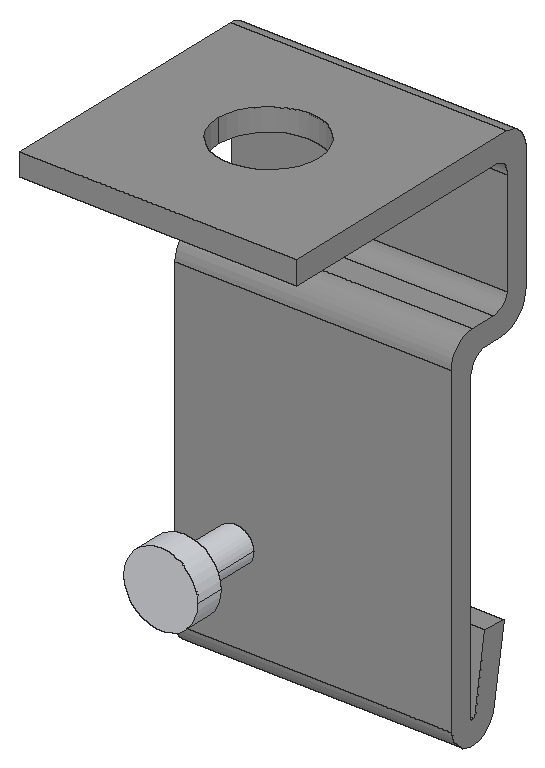
Revit family "Seitenhalter - SH M10 FS, FT, A4", category Generic Models, Revit 2017
Family settings
  Can host rebar = No
  Round Connector Dimension = Use Diameter
  Part Type = Normal
  Work Plane-Based = No
  Always vertical = Yes
  Cut with Voids When Loaded = No
  Shared = No
  Room Calculation Point = No
Parameters (values of type "SH M10 A4")
  Width = 30 mm
  URL = "http://www.obo-bettermann.com"
  Material = Stainless steel, grade 316
  Manufacturer Art.No. = "6015340"
  Manufacturer = "OBO Bettermann"
  Height = 58 mm
  GTIN = "4012196952038"
  Article Type = "SH M10 A4"
Types (4, lengths in mm): name | Width | Material | Manufacturer Art.No. | Height | GTIN | Article Type
  (no name) | 30 | Stainless steel, grade 316 | "6015340" | 58 | "4012196952038" | "SH M10 A4"
  SH M10 FS | 58 | Strip-galvanised | "6015336" | 57.775 | "4012196608539" | "SH M10 FS"
  SH M10 FT | 58 | Hot-dip galvanised | "6015338" | 57.775 | "4012196951970" | "SH M10 FT"
  SH M10 A4 | 30 | Stainless steel, grade 316 | "6015340" | 58 | "4012196952038" | "SH M10 A4"
Reference planes
  plane 1 "Center (Front/Back)": y = 0
  plane 2: z = 0
  plane 3 "Center (Left/Right)": x = 0
  plane 4: y = 10
  plane 5: z = 38
  plane 6: z = 2.5
  plane 7: z = 2.5
  plane 8: z = 10.639
  plane 9: y = -6
  plane 10: y = -2.49
  plane 11: y = 0
  plane 12: y = 2.5
  plane 13: z = 10.639
  plane 14: x = -15
  plane 15: x = -23.5
  plane 16: y = -10
  plane 17: y = -6.9
  plane 18: y = 3.1
Forms (mm)
  Extrusion 1, solid, material "Stainless steel, grade 316" <- "Material"
    sketch origin (0, 0, 0) x (0, 1, 0) y (0, 0, 1)
      loop
        line (-21, 57.775) -> (-21, 55.275) -> (5.8, 55.275)
        arc (5.8, 55.275) -> (7.096, 54.738) -> (7.633, 53.442) r 1.833
        line (7.633, 53.442) -> (7.633, 42.09)
        arc (7.633, 42.09) -> (6.918, 41.025) -> (5.703, 40.614) r 2
        line (5.703, 40.614) -> (2.831, 40.614)
        arc (2.831, 40.614) -> (0.829, 39.785) -> (0, 37.783) r 2.831
        line (0, 37.783) -> (0, 2.629)
        arc (0, 2.629) -> (2.561, 0.121) -> (5.539, 2.118) r 2.841
        line (5.539, 2.118) -> (7.019, 10.508) -> (4.503, 10.639) -> (3.094, 2.645)
        arc (3.094, 2.645) -> (2.73, 2.56) -> (2.518, 2.868) r 0.331
        line (2.518, 2.868) -> (2.518, 36.114)
        arc (2.518, 36.114) -> (3.104, 37.528) -> (4.518, 38.114) r 2
        line (4.518, 38.114) -> (6.02, 38.114)
        arc (6.02, 38.114) -> (8.804, 38.985) -> (10, 41.646) r 3.557
        line (10, 41.646) -> (10, 55.265)
        arc (10, 55.265) -> (9.265, 57.039) -> (7.49, 57.775) r 2.51
        line (7.49, 57.775) -> (-21, 57.775)
    from -30 to 0
  Extrusion 2, void
    sketch origin (0, 0, 0) x (1, 0, 0) y (0, 1, 0)
      loop
        circle (-15, -6.06) r 5.5
    from 55.275 to 57.775
  Extrusion 3, void
    sketch origin (0, 0, 0) x (1, 0, 0) y (0, 0, 1)
      loop
        circle (-23.512, 12.66) r 2
    from -2.518 to 0
  Extrusion 4, solid
    sketch origin (0, 0, 0) x (1, 0, 0) y (0, 0, 1)
      loop
        circle (-23.512, 12.66) r 4
    from 6.9 to 10
  Extrusion 5, solid
    sketch origin (0, 0, 0) x (1, 0, 0) y (0, 0, 1)
      loop
        circle (-23.512, 12.66) r 2
    from -3.1 to 6.9
Cuts and joins
  Extrusion 2, Extrusion 3 cuts Extrusion 1
Dimensions and locks
  locked: Extrusion 1 sketch curve to Extrusion 1 sketch curve at 2.5  (x2)
  locked: Extrusion 1 sketch curve to Extrusion 1 sketch curve at 31
  locked: plane 6 to level at 2.5
  locked: plane 5 to plane 7 at 35.5
  Extrusion 1 sketch curve to Extrusion 1 sketch curve = 2.486 mm
  locked: Extrusion 1 to Extrusion 1 at 2.5  (x2)
  locked: Extrusion 1 to level at 57.775  (x2)
  Extrusion 1 to Extrusion 1 = 30 mm  (x2)
  Extrusion 1 to plane 3 "Center (Left/Right)" = 30 mm
  locked: plane 11 to Extrusion 1 sketch curve at 10
  locked: plane 5 to Extrusion 1 sketch curve at 19.775
  locked: plane 11 to plane 12 at 2.5
  Extrusion 1 sketch curve to Extrusion 1 sketch curve = 31 mm
  locked: plane 8 to level at 10.639
  plane 6 to level = 2.5 mm
  plane 8 to level = 10.639 mm
  plane 5 to plane 7 = 35.5 mm
  locked: Extrusion 1 to plane 9 at 15  (x2)
  "Width": Extrusion 1 to Extrusion 1
  locked: Extrusion 1 to plane 14 at 15
  locked: Extrusion 1 to Extrusion 2 sketch curve at 9.44
  locked: plane 14 to Extrusion 2 sketch curve at 5.5
  Extrusion 2 sketch curve to plane 14 = 5.5 mm
  locked: cut or joined group of Extrusion 1, Extrusion 2, Extrusion 3 to plane 15 at 6.5
  locked: plane 15 to Extrusion 3 sketch curve at 1.988
  Extrusion 3 sketch curve to plane 15 = 2.012 mm
  locked: cut or joined group of Extrusion 1, Extrusion 2, Extrusion 3 to Extrusion 4 sketch curve at 6.488
  locked: Extrusion 4 sketch curve to level at 12.66
  locked: plane 16 to plane 17 at 3.1
  locked: plane 16 to plane 1 "Center (Front/Back)" at 10
  locked: cut or joined group of Extrusion 1, Extrusion 2, Extrusion 3 to Extrusion 5 sketch curve at 6.488
  locked: Extrusion 5 sketch curve to level at 12.66
  locked: plane 17 to plane 18 at 10
  radius of Extrusion 4 sketch curve = 4 mm
  radius of cut or joined group of Extrusion 1, Extrusion 2, Extrusion 3 = 2 mm
  locked: Extrusion 1 sketch curve to Extrusion 1 sketch curve (angle 10.00°)
  aligned and locked: level to plane 2
  aligned and locked: plane 6 to plane 7
  aligned and locked: plane 1 "Center (Front/Back)" to Extrusion 1
  aligned and locked: plane 13 to Extrusion 1 sketch curve
  aligned and locked: plane 3 "Center (Left/Right)" to Extrusion 1
  aligned and locked: plane 1 "Center (Front/Back)" to Extrusion 3
  aligned and locked: plane 17 to Extrusion 4
  aligned and locked: Extrusion 4 to plane 16
  aligned and locked: Extrusion 5 to Extrusion 4
  aligned and locked: plane 18 to Extrusion 5
Automatic sketch dimensions
  Extrusion 1 sketch curve to plane 1 "Center (Front/Back)" = 0 mm
  plane 12 to Extrusion 1 sketch curve = 0.018 mm
  Extrusion 1 sketch curve to Extrusion 1 sketch curve = 0.305 mm
  Extrusion 1 sketch curve to plane 5 = 0.217 mm
  plane 12 to Extrusion 1 sketch curve = 0.331 mm
  Extrusion 1 sketch curve to Extrusion 1 sketch curve = 0.026 mm
  plane 6 to Extrusion 1 sketch curve = 0.145 mm
  Extrusion 1 sketch curve to Extrusion 1 sketch curve = 0.244 mm
  Extrusion 1 sketch curve to Extrusion 1 sketch curve = 1.687 mm
  Extrusion 1 sketch curve to plane 6 = 0.382 mm
  Extrusion 1 sketch curve to Extrusion 1 sketch curve = 2.446 mm
  plane 12 to Extrusion 1 sketch curve = 3.3 mm
  Extrusion 1 sketch curve to Extrusion 1 sketch curve = 1.502 mm
  Extrusion 1 sketch curve to Extrusion 1 sketch curve = 0.74 mm
  Extrusion 1 sketch curve to plane 8 = 0.132 mm
  Extrusion 1 sketch curve to Extrusion 1 sketch curve = 2.515 mm
  plane 6 to Extrusion 1 sketch curve = 0.129 mm
  Extrusion 1 sketch curve to Extrusion 1 sketch curve = 0.444 mm
  Extrusion 1 sketch curve to Extrusion 1 sketch curve = 1.69 mm
  Extrusion 1 sketch curve to Extrusion 1 sketch curve = 1.93 mm
  level to Extrusion 3 sketch curve = 12.66 mm
  radius of Extrusion 5 sketch curve = 2 mm
